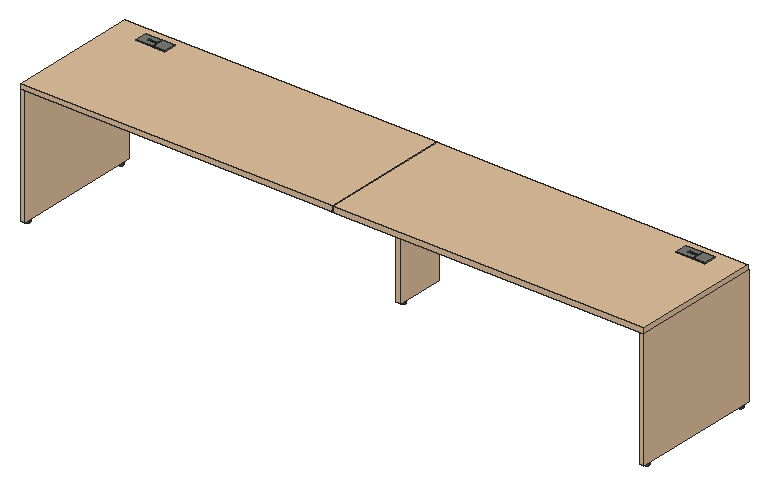
Revit family "Reception-Teknion-B_CWG_Main_Worksurface_with_Two_Gables_Reception_Desk-R2018", category Furniture, Revit 2018
Family settings
  OmniClass Number = 23.40.20.00
  OmniClass Title = General Furniture and Specialties
  Work Plane-Based = No
  Always vertical = Yes
  Cut with Voids When Loaded = No
  Shared = Yes
  Room Calculation Point = No
Parameters (values of type "1 3/16" Worksurface Thickness, Both Ends Grommet Option")
  Worksurface Thickness = 1.189"
  Worksurface Finish [instance] = Veneer - Teknion - 5N - Flintwood - White Oak
  Width [instance] = 144.000"
  Warranty = "http://www.teknion.com/ca/papers/legal-canada"
  Unit Weight URL = "http://www.teknion.com/ca/tools/assets#&asset=bee6a381-b954-425e-8283-5a2de3a804f2,f828d448-4b62-4231-9e5f-9a8991c0ed77"
  URL = "www.teknion.com"
  To render please download texture images found here [instance] = "https://assets.teknion.com/web/5e81352c1dfdb467/revit-material-swatches/"
  Sustainability Data = "https://www.teknion.com/ca/tools/assets#&topic=216f99a5-57a0-44fc-b10a-9dee9b29ae4c&asset=444deb64-fe58-4b68-981e-f75e97781df7,b4ff2d81-9f2e-437d-9659-7cffb09c31cf"
  Series = "Expansion Casegoods"  # constant formula
  Product Page URL = "https://www.teknion.com/ca/products/product-details?productLineId=0053336e-8e7a-673b-a6c8-ff00004460c4"
  Product Line = "Expansion Casegoods"  # constant formula
  Product Documentation Link = "https://www.teknion.com/pricing/expansion-casegoods/pdfs/B_CWG_ppg.pdf"
  Part Number = "B_CWG"  # constant formula
  Model = "BMCWG_____B"
  Manufacturer Phone = "416-661-3370"  # constant formula
  Manufacturer Fax = "416.661.4586"  # constant formula
  Manufacturer Contact Information = "http://www.teknion.com/ca/contactus"
  Manufacturer Address = "1150 Flint Road, Toronto, ON. M3J 2J5. Canada"  # constant formula
  Manufacturer = "Teknion"  # constant formula
  How To Use Teknion Materials User Guide [instance] = "https://assets.teknion.com/m/205dd0a49fa58060/original/How-to-add-a-Material-Library-and-Texture-Images-to-your-Revit-project.pdf"
  Half Gable [instance] = Width > 72.000"  # yes
  Grommet Offset [instance] = if(Both Ends, 9.646", Width / 4)  # 9.646"
  Grommet Finish [instance] = Paint - Teknion - Mica - Anthracite
  Gable Thickness = 1.016"
  Gable Finish [instance] = Veneer - Teknion - 5N - Flintwood - White Oak
  For Additional Finishes please visit [instance] = "https://assets.teknion.com/m/44a8009b046e5d47/original/Teknion_Materials_Library.zip"
  Description = "Main Worksurface with Two Gables - Reception Desk, 1 3/16\" Worksurface Thickness, Both Ends Grommet Option"
  Depth [instance] = 30.000"
  Centered Grommet = not(Both Ends)  # no
  Both Ends = yes
  Available Widths [instance] = if(Both Ends, "72\", 78\", 84\", 90\", 96\", 102\", 108\", 114\", 120\", 126\", 132\", 138\", or 144\"", "72\", 90\", 96\", 102\", 108\", 114\", 120\", 126\", 132\", 138\", or 144\"")  # "72\", 78\", 84\", 90\", 96\", 102\", 108\", 114\", 120\", 126\", 132\", 138\", or 144\""
  Available Depths [instance] = "20\", 24\", or 30\""  # constant formula
  Assembly Code = "E2020200"
  2 Worksurface [instance] = not([1 Worksurface])  # yes
  2 Centered Grommet [instance] = or(and(Centered Grommet, not([1 Centered Grommet])), Both Ends)  # yes
  1 Worksurface [instance] = Width < 90.000"  # no
  1 Centered Grommet [instance] = and(Centered Grommet, Width = 72.000")  # no
Types (7): name | Worksurface Thickness | Model | Grommet Offset | Gable Thickness | Description | Centered Grommet | Both Ends | Available Widths
  (no name) | 1.189" | "BMCWG_____B" | 9.646" | 1.016" | "Main Worksurface with Two Gables - Reception Desk, 1 3/16\" Worksurface Thickness, Both Ends Grommet Option" | no | yes | "72\", 78\", 84\", 90\", 96\", 102\", 108\", 114\", 120\", 126\", 132\", 138\", or 144\""
  1" Worksurface Thickness, Centered Grommet Option | 1.000" | "BDCWG_____C" | 36.000" | 1.016" | "Main Worksurface with Two Gables - Reception Desk, 1\" Worksurface Thickness, Centered Grommet Option" | yes | no | "72\", 90\", 96\", 102\", 108\", 114\", 120\", 126\", 132\", 138\", or 144\""
  1 3/16" Worksurface Thickness, Centered Grommet Option | 1.189" | "BMCWG_____C" | 36.000" | 1.016" | "Main Worksurface with Two Gables - Reception Desk, 1 3/16\" Worksurface Thickness, Centered Grommet Option" | yes | no | "72\", 90\", 96\", 102\", 108\", 114\", 120\", 126\", 132\", 138\", or 144\""
  1 9/16" Worksurface Thickness, Centered Grommet Option | 1.555" | "BXCWG_____C" | 36.000" | 1.512" | "Main Worksurface with Two Gables - Reception Desk, 1 9/16\" Worksurface Thickness, Centered Grommet Option" | yes | no | "72\", 90\", 96\", 102\", 108\", 114\", 120\", 126\", 132\", 138\", or 144\""
  1" Worksurface Thickness, Both Ends Grommet Option | 1.000" | "BDCWG_____B" | 9.646" | 1.016" | "Main Worksurface with Two Gables - Reception Desk, 1\" Worksurface Thickness, Both Ends Grommet Option" | no | yes | "72\", 78\", 84\", 90\", 96\", 102\", 108\", 114\", 120\", 126\", 132\", 138\", or 144\""
  1 3/16" Worksurface Thickness, Both Ends Grommet Option | 1.189" | "BMCWG_____B" | 9.646" | 1.016" | "Main Worksurface with Two Gables - Reception Desk, 1 3/16\" Worksurface Thickness, Both Ends Grommet Option" | no | yes | "72\", 78\", 84\", 90\", 96\", 102\", 108\", 114\", 120\", 126\", 132\", 138\", or 144\""
  1 9/16" Worksurface Thickness, Both Ends Grommet Option | 1.555" | "BXCWG_____B" | 9.646" | 1.512" | "Main Worksurface with Two Gables - Reception Desk, 1 9/16\" Worksurface Thickness, Both Ends Grommet Option" | no | yes | "72\", 78\", 84\", 90\", 96\", 102\", 108\", 114\", 120\", 126\", 132\", 138\", or 144\""
Reference planes (in)
  plane 1 "Center Front/Back": y = 0
  plane 2: z = 0
  plane 3 "Center Left/Right": x = 0
  plane 4 "Left": x = -72
  plane 5 "Right": x = 72
  plane 6 "Back": y = 15
  plane 7 "Front": y = -15
  plane 8 "Top": z = 27.80709
  plane 9: x = -62.354
  plane 10: x = 62.354
  plane 11: z = 28.99609
Forms (in)
  Sweep 1, solid, material "Veneer - Teknion - 5N - Flintwood - White Oak" <- "Worksurface Finish", visible <- "1 Worksurface"
    path origin (0, 0, 0) x (1, 0, 0) y (0, 0, 1)
      loop
        line (0, 27.80709) -> (0, 28.99609)
    profile origin (0, 0, 28.40159) x (-1, 0, 0) y (0, -1, 0)
      loop
        line (72, -15) -> (72, 15) -> (-72, 15) -> (-72, -15) -> (72, -15)
  Sweep 2, solid, material "Veneer - Teknion - 5N - Flintwood - White Oak" <- "Worksurface Finish", visible <- "2 Worksurface"
    path origin (0, 0, 0) x (1, 0, 0) y (0, 0, 1)
      loop
        line (0, 27.80709) -> (0, 28.99609)
    profile origin (0, 0, 28.40159) x (-1, 0, 0) y (0, -1, 0)
      loop
        line (72, -15) -> (72, 15) -> (0, 15) -> (0, -15) -> (72, -15)
  Sweep 3, solid, material "Veneer - Teknion - 5N - Flintwood - White Oak" <- "Worksurface Finish", visible <- "2 Worksurface"
    path origin (0, 0, 0) x (1, 0, 0) y (0, 0, 1)
      loop
        line (0, 27.80709) -> (0, 28.99609)
    profile origin (0, 0, 28.40159) x (-1, 0, 0) y (0, -1, 0)
      loop
        line (0, -15) -> (0, 15) -> (-72, 15) -> (-72, -15) -> (0, -15)
  Sweep 4, solid, material "Veneer - Teknion - 5N - Flintwood - White Oak" <- "Gable Finish"
    path origin (0, 0, 0) x (1, 0, 0) y (0, 0, 1)
      loop
        line (0, 27.80709) -> (0, 0.60236)
    profile origin (0, 0, 14.20472) x (0, -1, 0) y (1, 0, 0)
      loop
        line (-15, -72) -> (15, -72) -> (15, -70.984) -> (-15, -70.984) -> (-15, -72)
      loop
        line (-15, 70.984) -> (15, 70.984) -> (15, 72) -> (-15, 72) -> (-15, 70.984)
  Sweep 5, solid, material "Veneer - Teknion - 5N - Flintwood - White Oak" <- "Gable Finish", visible <- "Half Gable"
    path origin (0, 0, 0) x (1, 0, 0) y (0, 0, 1)
      loop
        line (0, 0.60236) -> (0, 27.80709)
    profile origin (0, 0, 14.20472) x (-1, 0, 0) y (0, -1, 0)
      loop
        line (0.508, -4) -> (-0.508, -4) -> (-0.508, -15) -> (0.508, -15) -> (0.508, -4)
  Sweep 6, solid, material "Paint - Teknion - Mica - Anthracite" <- "Grommet Finish", visible <- "2 Centered Grommet"
    path origin (0, 0, 0) x (1, 0, 0) y (0, 0, 1)
      loop
        line (0, 28.99609) -> (0, 29.11431)
    profile origin (0, 0, 29.0552) x (-1, 0, 0) y (0, -1, 0)
      loop
        line (61.87992, -13.30512) -> (61.87992, -10.43504) -> (59.00984, -10.43504) -> (59.00984, -13.30512) -> (61.87992, -13.30512)
      loop
        line (-62.82874, -13.30512) -> (-62.82874, -10.43504) -> (-65.69882, -10.43504) -> (-65.69882, -13.30512) -> (-62.82874, -13.30512)
  Sweep 7, solid, material "Paint - Teknion - Mica - Anthracite" <- "Grommet Finish", visible <- "2 Centered Grommet"
    path origin (0, 0, 0) x (1, 0, 0) y (0, 0, 1)
      loop
        line (0, 28.99609) -> (0, 29.11431)
    profile origin (0, 0, 29.0552) x (-1, 0, 0) y (0, -1, 0)
      loop
        line (65.69882, -13.30512) -> (65.69882, -10.43504) -> (61.87992, -10.43504) -> (61.87992, -11.65748) -> (63.92717, -11.65748) -> (63.92717, -12.08268) -> (61.87992, -12.08268) -> (61.87992, -13.30512) -> (65.69882, -13.30512)
      loop
        line (-59.00984, -13.30512) -> (-59.00984, -10.43504) -> (-62.82874, -10.43504) -> (-62.82874, -11.65748) -> (-60.7815, -11.65748) -> (-60.7815, -12.08268) -> (-62.82874, -12.08268) -> (-62.82874, -13.30512) -> (-59.00984, -13.30512)
  Sweep 8, solid, material "Paint - Teknion - Mica - Anthracite" <- "Grommet Finish", visible <- "1 Centered Grommet"
    path origin (0, 0, 0) x (1, 0, 0) y (0, 0, 1)
      loop
        line (0, 28.99609) -> (0, 29.11431)
    profile origin (0, 0, 29.0552) x (-1, 0, 0) y (0, -1, 0)
      loop
        line (-0.47441, -13.30512) -> (3.34449, -13.30512) -> (3.34449, -10.43504) -> (-0.47441, -10.43504) -> (-0.47441, -11.65748) -> (1.57283, -11.65748) -> (1.57283, -12.08268) -> (-0.47441, -12.08268) -> (-0.47441, -13.30512)
  Sweep 9, solid, material "Paint - Teknion - Mica - Anthracite" <- "Grommet Finish", visible <- "1 Centered Grommet"
    path origin (0, 0, 0) x (1, 0, 0) y (0, 0, 1)
      loop
        line (0, 28.99609) -> (0, 29.11431)
    profile origin (0, 0, 29.0552) x (-1, 0, 0) y (0, -1, 0)
      loop
        line (-0.47441, -13.30512) -> (-0.47441, -10.43504) -> (-3.34449, -10.43504) -> (-3.34449, -13.30512) -> (-0.47441, -13.30512)
  Sweep 10, solid, material "Plastic - Teknion - E1 - Black"
    path origin (0, 0, 0) x (1, 0, 0) y (0, 0, 1)
      loop
        line (0, 0) -> (0, 0.60236)
    profile origin (0, 0, 0.30118) x (-1, 0, 0) y (0, -1, 0)
      loop
        circle (71.492, 13.50024) r 0.5
      loop
        circle (71.492, -13.50024) r 0.5
      loop
        circle (-71.492, 13.50024) r 0.5
      loop
        circle (-71.492, -13.50024) r 0.5
  Sweep 11, solid, material "Plastic - Teknion - E1 - Black", visible <- "Half Gable"
    path origin (0, 0, 0) x (1, 0, 0) y (0, 0, 1)
      loop
        line (0, 0) -> (0, 0.60236)
    profile origin (0, 0, 0.30118) x (-1, 0, 0) y (0, -1, 0)
      loop
        circle (0, -5.5) r 0.5
Lines and regions (in)
  Masking region 1, visible <- "1 Worksurface"
    outline origin (0, 0, 0) x (1, 0, 0) y (0, 1, 0)
      loop
        line (-72, 15) -> (-72, -15) -> (72, -15) -> (72, 15) -> (-72, 15)
  Masking region 2, visible <- "2 Worksurface"
    outline origin (0, 0, 0) x (1, 0, 0) y (0, 1, 0)
      loop
        line (-72, 15) -> (-72, -15) -> (0, -15) -> (0, 15) -> (-72, 15)
  Masking region 3, visible <- "2 Worksurface"
    outline origin (0, 0, 0) x (1, 0, 0) y (0, 1, 0)
      loop
        line (0, 15) -> (0, -15) -> (72, -15) -> (72, 15) -> (0, 15)
  symbolic lines, visible <- "2 Centered Grommet"
    curve 1: line (-61.87992, 10.43504, 0) -> (-59.00984, 10.43504, 0)
    curve 2: line (-59.00984, 10.43504, 0) -> (-59.00984, 13.30512, 0)
    curve 3: line (-59.00984, 13.30512, 0) -> (-61.87992, 13.30512, 0)
    curve 4: line (-61.87992, 13.30512, 0) -> (-61.87992, 10.43504, 0)
    curve 5: line (-61.87992, 13.30512, 0) -> (-65.69882, 13.30512, 0)
    curve 6: line (-65.69882, 13.30512, 0) -> (-65.69882, 10.43504, 0)
    curve 7: line (-65.69882, 10.43504, 0) -> (-61.87992, 10.43504, 0)
    curve 8: line (-61.87992, 10.43504, 0) -> (-61.87992, 11.65748, 0)
    curve 9: line (-61.87992, 11.65748, 0) -> (-63.92717, 11.65748, 0)
    curve 10: line (-63.92717, 11.65748, 0) -> (-63.92717, 12.08268, 0)
    curve 11: line (-63.92717, 12.08268, 0) -> (-61.87992, 12.08268, 0)
    curve 12: line (-61.87992, 12.08268, 0) -> (-61.87992, 13.30512, 0)
    curve 13: line (59.00984, 13.30512, 0) -> (59.00984, 10.43504, 0)
    curve 14: line (59.00984, 10.43504, 0) -> (62.82874, 10.43504, 0)
    curve 15: line (62.82874, 10.43504, 0) -> (62.82874, 11.65748, 0)
    curve 16: line (62.82874, 11.65748, 0) -> (60.7815, 11.65748, 0)
    curve 17: line (60.7815, 11.65748, 0) -> (60.7815, 12.08268, 0)
    curve 18: line (60.7815, 12.08268, 0) -> (62.82874, 12.08268, 0)
    curve 19: line (62.82874, 12.08268, 0) -> (62.82874, 13.30512, 0)
    curve 20: line (62.82874, 13.30512, 0) -> (59.00984, 13.30512, 0)
    curve 21: line (65.69882, 13.30512, 0) -> (62.82874, 13.30512, 0)
    curve 22: line (62.82874, 13.30512, 0) -> (62.82874, 10.43504, 0)
    curve 23: line (62.82874, 10.43504, 0) -> (65.69882, 10.43504, 0)
    curve 24: line (65.69882, 10.43504, 0) -> (65.69882, 13.30512, 0)
  symbolic lines, visible <- "1 Centered Grommet"
    curve 25: line (-3.34449, 13.30512, 0) -> (-3.34449, 10.43504, 0)
    curve 26: line (-3.34449, 10.43504, 0) -> (0.47441, 10.43504, 0)
    curve 27: line (0.47441, 10.43504, 0) -> (0.47441, 11.65748, 0)
    curve 28: line (0.47441, 11.65748, 0) -> (-1.57283, 11.65748, 0)
    curve 29: line (-1.57283, 11.65748, 0) -> (-1.57283, 12.08268, 0)
    curve 30: line (-1.57283, 12.08268, 0) -> (0.47441, 12.08268, 0)
    curve 31: line (0.47441, 12.08268, 0) -> (0.47441, 13.30512, 0)
    curve 32: line (0.47441, 13.30512, 0) -> (-3.34449, 13.30512, 0)
    curve 33: line (3.34449, 13.30512, 0) -> (0.47441, 13.30512, 0)
    curve 34: line (0.47441, 13.30512, 0) -> (0.47441, 10.43504, 0)
    curve 35: line (0.47441, 10.43504, 0) -> (3.34449, 10.43504, 0)
    curve 36: line (3.34449, 10.43504, 0) -> (3.34449, 13.30512, 0)
  symbolic lines, style "FurnitureHiddenLines", detail levels medium+fine
    curve 37: line (-70.984, -15, 0) -> (-70.984, 15, 0)
    curve 38: line (70.984, 15, 0) -> (70.984, -15, 0)
  symbolic lines, style "FurnitureHiddenLines", detail levels fine
    curve 39: arc (70.992, 13.50024, 0) -> (71.492, 13.00024, 0) -> (71.992, 13.50024, 0) r 0.5
    curve 40: arc (71.992, 13.50024, 0) -> (71.492, 14.00024, 0) -> (70.992, 13.50024, 0) r 0.5
    curve 41: arc (71.992, -13.50024, 0) -> (71.492, -13.00024, 0) -> (70.992, -13.50024, 0) r 0.5
    curve 42: arc (70.992, -13.50024, 0) -> (71.492, -14.00024, 0) -> (71.992, -13.50024, 0) r 0.5
    curve 43: arc (-70.992, -13.50024, 0) -> (-71.492, -13.00024, 0) -> (-71.992, -13.50024, 0) r 0.5
    curve 44: arc (-71.992, -13.50024, 0) -> (-71.492, -14.00024, 0) -> (-70.992, -13.50024, 0) r 0.5
    curve 45: arc (-70.992, 13.50024, 0) -> (-71.492, 14.00024, 0) -> (-71.992, 13.50024, 0) r 0.5
    curve 46: arc (-71.992, 13.50024, 0) -> (-71.492, 13.00024, 0) -> (-70.992, 13.50024, 0) r 0.5
  symbolic lines, style "FurnitureHiddenLines", visible <- "Half Gable", detail levels medium+fine
    curve 47: line (-0.508, 15, 0) -> (-0.508, 4, 0)
    curve 48: line (0.508, 4, 0) -> (0.508, 15, 0)
    curve 49: line (-0.508, 4, 0) -> (0.508, 4, 0)
  symbolic lines, style "FurnitureHiddenLines", visible <- "Half Gable", detail levels fine
    curve 50: arc (0.5, 5.5, 0) -> (0, 6, 0) -> (-0.5, 5.5, 0) r 0.5
    curve 51: arc (-0.5, 5.5, 0) -> (0, 5, 0) -> (0.5, 5.5, 0) r 0.5
  reference lines
    curve 52: line (-72, 15, 0) -> (72, 15, 0)
    curve 53: line (-72, 15, 0) -> (-72, -15, 0)
    curve 54: line (-72, -15, 0) -> (72, -15, 0)
    curve 55: line (72, 15, 0) -> (72, -15, 0)
Dimensions and locks (in)
  "Width": plane 4 "Left" to plane 5 "Right"
  "Depth": plane 6 "Back" to plane 7 "Front"
  locked: plane 8 "Top" to level at 27.80709
  equal spacing: plane 6 "Back", plane 1 "Center Front/Back", plane 7 "Front"
  equal spacing: plane 4 "Left", plane 3 "Center Left/Right", plane 5 "Right"
  "Grommet Offset": plane 4 "Left" to plane 9
  "Grommet Offset": plane 10 to plane 5 "Right"
  "Worksurface Thickness": plane 11 to plane 8 "Top"
  locked: Sweep 4 sketch curve to level at 0.60236
  "Gable Thickness": plane 4 "Left" to Sweep 4 sketch curve
  "Gable Thickness": Sweep 4 sketch curve to plane 5 "Right"
  locked: Sweep 5 sketch curve to level at 0.60236
  locked: plane 6 "Back" to Sweep 5 sketch curve at 11
  equal spacing: Sweep 5 sketch curve, plane 3 "Center Left/Right", Sweep 5 sketch curve
  "Gable Thickness": Sweep 5 sketch curve to Sweep 5 sketch curve
  locked: Sweep 6 sketch curve to plane 11 at 0.11823
  plane 6 "Back" to Sweep 6 sketch curve to Sweep 6 sketch curve = 1.69488" locked, 2.87008" locked  (x2)
  plane 9 to Sweep 6 sketch curve to Sweep 6 sketch curve = 0.47408" locked, 2.87008" locked
  plane 10 to Sweep 6 sketch curve to Sweep 6 sketch curve = 0.47474" locked, 2.87008" locked
  locked: Sweep 7 sketch curve to plane 11 at 0.11823
  Sweep 7 sketch curve to Sweep 7 sketch curve to plane 9 to Sweep 7 sketch curve to Sweep 7 sketch curve = 1.77165" locked, 1.57317" locked, 0.47408" locked, 0.000" locked
  plane 6 "Back" to Sweep 7 sketch curve to Sweep 7 sketch curve to Sweep 7 sketch curve to Sweep 7 sketch curve = 1.69488" locked, 1.22244" locked, 0.4252" locked, 1.22244" locked  (x2)
  Sweep 7 sketch curve to Sweep 7 sketch curve to plane 10 to Sweep 7 sketch curve to Sweep 7 sketch curve = 1.77165" locked, 1.5725" locked, 0.47474" locked, 0.000" locked
  locked: Sweep 8 sketch curve to plane 11 at 0.11823
  Sweep 8 sketch curve to Sweep 8 sketch curve to plane 3 "Center Left/Right" to Sweep 8 sketch curve to Sweep 8 sketch curve = 1.77165" locked, 1.57283" locked, 0.47441" locked, 0.000" locked
  plane 6 "Back" to Sweep 8 sketch curve to Sweep 8 sketch curve to Sweep 8 sketch curve to Sweep 8 sketch curve = 1.69488" locked, 1.22244" locked, 0.4252" locked, 1.22244" locked
  locked: Sweep 9 sketch curve to plane 11 at 0.11823
  plane 3 "Center Left/Right" to Sweep 9 sketch curve to Sweep 9 sketch curve = 0.47441" locked, 2.87008" locked
  plane 6 "Back" to Sweep 9 sketch curve to Sweep 9 sketch curve = 1.69488" locked, 2.87008" locked
  locked: Sweep 10 sketch curve to level at 0.60236
  equal spacing: plane 4 "Left", Sweep 10 sketch curve, Sweep 4
  locked: plane 7 "Front" to Sweep 10 sketch curve at 1.49976  (x2)
  equal spacing: plane 4 "Left", Sweep 10 sketch curve, Sweep 4, locked at 0.508 each
  locked: plane 6 "Back" to Sweep 10 sketch curve at 1.49976  (x2)
  equal spacing: Sweep 4, Sweep 10 sketch curve, plane 5 "Right"  (x2)
  locked: Sweep 11 sketch curve to level at 0.60236
  locked: plane 6 "Back" to Sweep 11 sketch curve at 9.5
  locked: plane 3 "Center Left/Right" to Sweep 11 sketch curve at 0
  aligned and locked: level to plane 2
  aligned and locked: plane 11 to Sweep 1 sketch curve
  aligned and locked: plane 8 "Top" to Sweep 1 sketch curve
  aligned and locked: plane 3 "Center Left/Right" to Sweep 1 sketch curve
  aligned and locked: Sweep 1 sketch curve to plane 6 "Back"
  aligned and locked: Sweep 1 sketch curve to plane 4 "Left"
  aligned and locked: plane 7 "Front" to Sweep 1 sketch curve
  aligned and locked: plane 5 "Right" to Sweep 1 sketch curve
  aligned and locked: plane 11 to Sweep 2 sketch curve
  aligned and locked: plane 8 "Top" to Sweep 2 sketch curve
  aligned and locked: plane 3 "Center Left/Right" to Sweep 2 sketch curve
  aligned and locked: Sweep 2 sketch curve to plane 6 "Back"
  aligned and locked: Sweep 2 sketch curve to plane 3 "Center Left/Right"
  aligned and locked: plane 7 "Front" to Sweep 2 sketch curve
  aligned and locked: Sweep 2 sketch curve to plane 4 "Left"
  aligned and locked: plane 11 to Sweep 3 sketch curve
  aligned and locked: plane 8 "Top" to Sweep 3 sketch curve
  aligned and locked: plane 3 "Center Left/Right" to Sweep 3 sketch curve
  aligned and locked: Sweep 3 sketch curve to plane 6 "Back"
  aligned and locked: Sweep 3 sketch curve to plane 3 "Center Left/Right"
  aligned and locked: plane 7 "Front" to Sweep 3 sketch curve
  aligned and locked: plane 5 "Right" to Sweep 3 sketch curve
  aligned and locked: plane 8 "Top" to Sweep 4 sketch curve
  aligned and locked: Sweep 4 sketch curve to plane 3 "Center Left/Right"
  aligned and locked: plane 4 "Left" to Sweep 4 sketch curve
  aligned and locked: Sweep 4 sketch curve to plane 6 "Back"  (x2)
  aligned and locked: Sweep 4 sketch curve to plane 7 "Front"  (x2)
  aligned and locked: Sweep 4 sketch curve to plane 5 "Right"
  aligned and locked: plane 8 "Top" to Sweep 5 sketch curve
  aligned and locked: plane 3 "Center Left/Right" to Sweep 5 sketch curve
  aligned and locked: plane 6 "Back" to Sweep 5 sketch curve
  aligned and locked: plane 11 to Sweep 6 sketch curve
  aligned and locked: plane 3 "Center Left/Right" to Sweep 6 sketch curve
  aligned and locked: plane 11 to Sweep 7 sketch curve
  aligned and locked: plane 3 "Center Left/Right" to Sweep 7 sketch curve
  aligned and locked: plane 11 to Sweep 8 sketch curve
  aligned and locked: plane 3 "Center Left/Right" to Sweep 8 sketch curve
  aligned and locked: plane 3 "Center Left/Right" to Sweep 9 sketch curve
  aligned and locked: plane 11 to Sweep 9 sketch curve
  aligned and locked: plane 3 "Center Left/Right" to Sweep 10 sketch curve
  aligned and locked: level to Sweep 10 sketch curve
  aligned and locked: plane 3 "Center Left/Right" to Sweep 11 sketch curve
  aligned and locked: level to Sweep 11 sketch curve
  aligned and locked: Masking region 1 sketch curve to plane 6 "Back"
  aligned and locked: Masking region 1 sketch curve to plane 5 "Right"
  aligned and locked: Masking region 1 sketch curve to plane 7 "Front"
  aligned and locked: Masking region 1 sketch curve to plane 4 "Left"
  aligned and locked: Masking region 2 sketch curve to plane 6 "Back"
  aligned and locked: Masking region 2 sketch curve to plane 3 "Center Left/Right"
  aligned and locked: Masking region 2 sketch curve to plane 7 "Front"
  aligned and locked: Masking region 2 sketch curve to plane 4 "Left"
  aligned and locked: Masking region 3 sketch curve to plane 6 "Back"
  aligned and locked: Masking region 3 sketch curve to plane 3 "Center Left/Right"
  aligned and locked: plane 7 "Front" to Masking region 3 sketch curve
  aligned and locked: Masking region 3 sketch curve to plane 5 "Right"
  aligned and locked: curve 1 to Sweep 6
  aligned and locked: curve 2 to Sweep 6
  aligned and locked: curve 3 to Sweep 6
  aligned and locked: curve 4 to Sweep 6
  aligned and locked: curve 5 to Sweep 7
  aligned and locked: curve 6 to Sweep 7
  aligned and locked: curve 7 to Sweep 7
  aligned and locked: curve 8 to Sweep 7
  aligned and locked: curve 9 to Sweep 7
  aligned and locked: curve 10 to Sweep 7
  aligned and locked: curve 12 to Sweep 7
  aligned and locked: curve 13 to Sweep 7
  aligned and locked: curve 14 to Sweep 7
  aligned and locked: curve 15 to Sweep 7
  aligned and locked: curve 16 to Sweep 7
  aligned and locked: curve 17 to Sweep 7
  aligned and locked: curve 18 to Sweep 7
  aligned and locked: curve 19 to Sweep 7
  aligned and locked: curve 20 to Sweep 7
  aligned and locked: curve 21 to Sweep 6
  aligned and locked: curve 22 to Sweep 6
  aligned and locked: curve 23 to Sweep 6
  aligned and locked: curve 24 to Sweep 6
  aligned and locked: curve 25 to Sweep 8
  aligned and locked: curve 26 to Sweep 8
  aligned and locked: curve 27 to Sweep 8
  aligned and locked: curve 28 to Sweep 8
  aligned and locked: curve 29 to Sweep 8
  aligned and locked: curve 30 to Sweep 8
  aligned and locked: curve 31 to Sweep 8
  aligned and locked: curve 32 to Sweep 8
  aligned and locked: curve 33 to Sweep 9
  aligned and locked: curve 34 to Sweep 9
  aligned and locked: curve 35 to Sweep 9
  aligned and locked: curve 36 to Sweep 9
  aligned and locked: curve 37 to Sweep 4
  aligned and locked: curve 38 to Sweep 4
  aligned and locked: curve 39 to Sweep 10
  aligned and locked: curve 40 to Sweep 10
  aligned and locked: curve 41 to Sweep 10
  aligned and locked: curve 42 to Sweep 10
  aligned and locked: curve 43 to Sweep 10
  aligned and locked: curve 44 to Sweep 10
  aligned and locked: curve 45 to Sweep 10
  aligned and locked: curve 46 to Sweep 10
  aligned and locked: curve 47 to Sweep 5
  aligned and locked: curve 48 to Sweep 5
  aligned and locked: curve 49 to Sweep 5
  aligned and locked: curve 50 to Sweep 11
  aligned and locked: curve 51 to Sweep 11
  aligned and locked: curve 52 to plane 6 "Back"
  aligned and locked: curve 53 to plane 4 "Left"
  aligned and locked: curve 54 to plane 7 "Front"
  aligned and locked: curve 55 to plane 5 "Right"
Automatic sketch dimensions
  curve 8 to curve 12 = 0.4252"
  plane 7 "Front" to curve 37 = 0.000"
  curve 37 to plane 6 "Back" = 0.000"
  plane 7 "Front" to curve 38 = 0.000"
  curve 38 to plane 6 "Back" = 0.000"
  curve 47 to plane 6 "Back" = 0.000"
  curve 48 to plane 6 "Back" = 0.000"
  radius of Sweep 10 sketch curve = 0.500"  (x4)
  radius of Sweep 11 sketch curve = 0.500"
